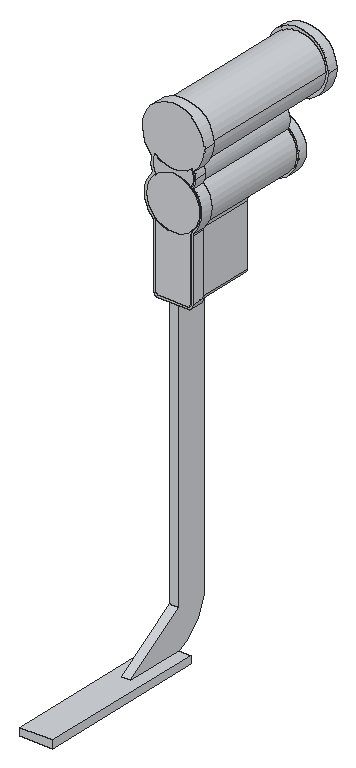
Revit family "HUNTER_SOLAR-SYNC-SEN", category Electrical Fixtures, host Face, Revit 2017
Family settings
  Host = Face
  Maintain Annotation Orientation = No
  Round Connector Dimension = Use Diameter
  Part Type = Normal
  OmniClass Number = 23.27.11.11.23
  Cut with Voids When Loaded = No
  Shared = Yes
  Room Calculation Point = No
Parameters (values of type "SOLAR-SYNC-SEN")
  WireType_Range_15_30_Meter = 18000 mm
  20_AWG = no
  18_AWG = yes
  Sensor Width = 220 mm
  Sensor Height = 80 mm
  Sensor Depth = 20 mm
  Wireless Antenna = no
  Distance Coverage = if([18_AWG], 60000 mm, if([20_AWG], 60000 mm, if(Wireless Antenna, 240000 mm, 0 mm)))  # 60000 mm
  URL = "https://www.hunterindustries.com/irrigation-product/sensors/solar-syncr"
  Type Comments = "SOLAR-SYNC-SEN® Sensor"
  Sensor Wiring = "Wired"
  Sensor Symbol = yes
  Sensor Coverage Zone = yes
  SOLAR-SYNC® Model = "Wired Solar-Sync sensor"
  Power = Current * Input Voltage  # 72 VA
  Model = "SOLAR-SYNC-SEN"
  Manufacturer = "Hunter® Industries"
  Keynote = "32 84 23.05"
  Input Voltage = 24 V  # constant formula
  Frequency = 433000000 Hz  # constant formula
  Description = "SOLAR-SYNC® Advanced Wired weather sensor"
  Default Elevation = 1219.2 mm
  Current = 3 A  # constant formula
  Assembly Code = "G4030100"
Reference planes
  plane 1 "Center (Front/Back)": y = 0
  plane 2: z = 0
  plane 3 "Center (Left/Right)": x = 0
Dimensions and locks
  aligned and locked: plane 2 to host face
  aligned and locked: level to host face
Nested families
  nested 1: "Coverage Symbol" at (0, 0, 168.529) x (-1, 0, 0) z (0, -1, 0), visible <- "Sensor Coverage Zone", Coverage <- "Distance Coverage", Ext.01 <- "20_AWG", type "Coverage Symbol"
    with Extension_2 82000 mm, Extension_1 67000 mm, Ext.02 no, Ext.01 no, Coverage 60000 mm
  nested 2: "Solar-Sync" at (0, 0, 0), type "Solar-Sync"
    with Freeze Sensor yes
  nested 3: "HUNTER SOLAR-SYNC SYMBOL" at (0, 0, 168.529) x (1, 0, 0) z (0, -1, 0), visible <- "Sensor Symbol", type "SYMBOL"
Connectors
  electrical at (0, 25.367, 176.09), driven by "Input Voltage", driven by "Power"
    settings: on nested 2, index 3, voltage 24 V, apparent load 72 VA, apparent load phase1 0 VA, apparent load phase2 0 VA, apparent load phase3 0 VA, power factor 1, load classification "Other", number of poles 1, system type 30, power factor state 1, is connector primary yes, connector utility no, sub classification motor no, connector description "SOLAR-SYNC-SEN"
Definition of nested family "Solar-Sync"
  Parameters (values of type "Solar-Sync")
    Freeze Sensor [instance] = yes
  Reference planes
    plane 1 "Center (Front/Back)": y = 0
    plane 2: z = 0
    plane 3 "Center (Left/Right)": x = 0
  Forms (mm)
    Extrusion 1, solid
      sketch origin (50.918, 25.367, 9.274) x (0, 0, 1) y (1, 0, 0)
        loop
          line (157.243, -43.298) -> (130.384, -43.298)
          arc (130.384, -43.298) -> (129.323, -43.737) -> (128.884, -44.798) r 1.5
          line (128.884, -44.798) -> (128.884, -57.038)
          arc (128.884, -57.038) -> (129.323, -58.099) -> (130.384, -58.538) r 1.5
          line (130.384, -58.538) -> (157.243, -58.538)
          arc (157.243, -58.538) -> (158.119, -58.725) -> (158.9, -59.163) r 3.005
          arc (158.9, -59.163) -> (156.302, -55.399) -> (155.387, -50.918) r 11.43
          arc (155.387, -50.918) -> (156.302, -46.437) -> (158.9, -42.673) r 11.43
          arc (158.9, -42.673) -> (158.119, -43.11) -> (157.243, -43.298) r 3.005
      from 0 to 30
    Extrusion 2, solid
      sketch origin (50.918, 25.367, 9.274) x (0, 0, 1) y (1, 0, 0)
        loop
          circle (166.817, -50.918) r 11.43
      from 0 to 56
    Extrusion 3, solid
      sketch origin (50.918, 25.367, 9.274) x (0, 0, 1) y (1, 0, 0)
        loop
          circle (166.817, -50.918) r 12.43
      from 52 to 56
    Extrusion 4, solid
      sketch origin (0, 25.367, 0) x (0, 0, 1) y (0, 1, 0)
        loop
          line (138.158, 13.714) -> (19.057, 13.714)
          arc (19.057, 13.714) -> (9.487, 9.078) -> (3.19, 0.51) r 22.099
          line (3.19, 0.51) -> (3.19, -25.367) -> (20.036, 0.51) -> (138.158, 0.51) -> (138.158, 13.714)
      from -2 to 2
    Extrusion 5, solid
      sketch origin (0, 25.367, 0) x (0, 0, 1) y (1, 0, 0)
        loop
          line (3.19, 7) -> (0, 7) -> (0, -7) -> (3.19, -7) -> (3.19, 7)
      from -74.075 to 0.51
    Extrusion 6, solid
      sketch origin (0, 0, 0) x (1, 0, 0) y (0, 0, 1)
        loop
          circle (0, 201.223) r 12.05
      from -30.346 to -92.378
    Extrusion 7, solid
      sketch origin (0, 0, 0) x (1, 0, 0) y (0, 0, 1)
        loop
          circle (0, 201.223) r 13.359
      from -96.714 to -92.378
    Extrusion 8, solid
      sketch origin (0, 0, 0) x (1, 0, 0) y (0, 0, 1)
        loop
          arc (7.683, 184.553) -> (8.644, 188.304) -> (7.871, 192.099) r 8.647
          arc (7.871, 192.099) -> (0, 189.173) -> (-7.871, 192.099) r 12.05
          arc (-7.871, 192.099) -> (-8.644, 188.304) -> (-7.683, 184.553) r 8.647
          arc (-7.683, 184.553) -> (0, 187.52) -> (7.683, 184.553) r 11.43
      from -25.367 to -77.367
    Extrusion 9, solid
      sketch origin (0, 0, 0) x (1, 0, 0) y (0, 0, 1)
        loop
          arc (-13.352, 200.791) -> (-12.18, 195.737) -> (-9.172, 191.51) r 13.359
          arc (-9.172, 191.51) -> (-9.638, 188.118) -> (-8.891, 184.777) r 9.647
          arc (-8.891, 184.777) -> (-12.43, 176.174) -> (-9.007, 167.524) r 12.43
          arc (-9.007, 167.524) -> (-8.74, 167.031) -> (-8.62, 166.483) r 2.005
          line (-8.62, 166.483) -> (-8.62, 139.658)
          arc (-8.62, 139.658) -> (-7.888, 137.89) -> (-6.12, 137.158) r 2.5
          line (-6.12, 137.158) -> (6.12, 137.158)
          arc (6.12, 137.158) -> (7.888, 137.89) -> (8.62, 139.658) r 2.5
          line (8.62, 139.658) -> (8.62, 166.483)
          arc (8.62, 166.483) -> (8.74, 167.031) -> (9.007, 167.524) r 2.005
          arc (9.007, 167.524) -> (12.43, 176.174) -> (8.891, 184.777) r 12.43
          arc (8.891, 184.777) -> (9.456, 186.611) -> (9.647, 188.52) r 9.647
          arc (9.647, 188.52) -> (9.527, 190.034) -> (9.172, 191.51) r 9.647
          arc (9.172, 191.51) -> (12.267, 195.934) -> (13.359, 201.223) r 13.359
          arc (13.359, 201.223) -> (-0.216, 214.58) -> (-13.352, 200.791) r 13.359
      from -25.367 to -30.346
  Dimensions and locks
    aligned and locked: level to plane 2
Definition of nested family "Coverage Symbol"
  Parameters (values of type "Coverage Symbol")
    Extension_2 [instance] = Extension_1 + 15000 mm  # 30000 mm
    Extension_1 [instance] = Coverage + 7000 mm  # 15000 mm
    Ext.02 [instance] = yes
    Ext.01 [instance] = yes
    Coverage [instance] = 8000 mm
  Reference planes
    plane 1 "Center (Front/Back)": y = 0
    plane 2: z = 0
    plane 3 "Center (Left/Right)": x = 0
  Lines and regions (mm)
    Filled region 1, type "Concrete", in view "Ref. Level"
      outline origin (0, 0, 0) x (1, 0, 0) y (0, 1, 0)
        loop
          circle (0, 0) r 8000
    Filled region 2, type "Concrete 2", in view "Ref. Level", visible <- "Ext.01"
      outline origin (0, 0, 0) x (1, 0, 0) y (0, 1, 0)
        loop
          circle (0, 0) r 8000
        loop
          circle (0, 0) r 15000
    Filled region 3, type "Concrete 3", in view "Ref. Level", visible <- "Ext.02"
      outline origin (0, 0, 0) x (1, 0, 0) y (0, 1, 0)
        loop
          circle (0, 0) r 15000
        loop
          circle (0, 0) r 30000
  Dimensions and locks
    "Coverage": radius of Filled region 1 sketch curve
    "Coverage": radius of Filled region 2 sketch curve
    "Extension_1": radius of Filled region 2 sketch curve
    "Extension_1": radius of Filled region 3 sketch curve
    "Extension_2": radius of Filled region 3 sketch curve
  Automatic sketch dimensions
    plane 1 "Center (Front/Back)" to Filled region 1 sketch curve = 0 mm
    Filled region 1 sketch curve to plane 3 "Center (Left/Right)" = 0 mm
    Filled region 2 sketch curve to Filled region 2 sketch curve = 0 mm  (x6)
    Filled region 2 sketch curve to plane 1 "Center (Front/Back)" = 0 mm
    Filled region 2 sketch curve to plane 3 "Center (Left/Right)" = 0 mm
    Filled region 3 sketch curve to Filled region 3 sketch curve = 0 mm  (x6)
    Filled region 3 sketch curve to plane 1 "Center (Front/Back)" = 0 mm
    Filled region 3 sketch curve to plane 3 "Center (Left/Right)" = 0 mm
Definition of nested family "HUNTER SOLAR-SYNC SYMBOL"
  Parameters (values of type "SYMBOL")
    Solar Sync Receiver = no
    Solar Sync = yes
    Rain Clik Receiver = no
    Rain Clik = no
    Flow Clik Module = no
    Flow Clik = no
  Reference planes
    plane 1 "Center (Front/Back)": y = 0
    plane 2: z = 0
    plane 3 "Center (Left/Right)": x = 0
  Lines and regions (mm)
    detail lines, in view "Ref. Level"
      curve 1: circle (0, 0, 0) r 150 normal (0, 0, 1)
